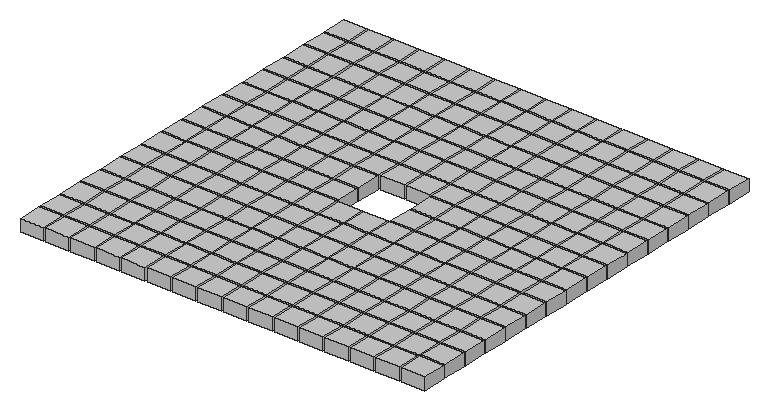
Revit family "Alcorque Ecológico", category Furniture, Revit 2020 (continued)
Forms (m)
  Extrusion 185, solid, material "ReBnew plástico", visible <- "A51"
    from 0 to 0.06
  Extrusion 186, solid, material "ReBnew plástico", visible <- "A51"
    sketch origin (0.75, -0.875, 0) x (1, 0, 0) y (0, 1, 0)
      loop
        line (-0.495, 0.495) -> (-0.495, 0.38) -> (-0.38, 0.38) -> (-0.38, 0.495) -> (-0.495, 0.495)
    from 0 to 0.06
  Extrusion 187, solid, material "ReBnew plástico", visible <- "A51"
    sketch origin (0.875, -0.875, 0) x (1, 0, 0) y (0, 1, 0)
      loop
        line (-0.495, 0.495) -> (-0.495, 0.38) -> (-0.38, 0.38) -> (-0.38, 0.495) -> (-0.495, 0.495)
    from 0 to 0.06
  Extrusion 188, solid, material "ReBnew plástico", visible <- "A51"
    sketch origin (1, -0.875, 0) x (1, 0, 0) y (0, 1, 0)
      loop
        line (-0.495, 0.495) -> (-0.495, 0.38) -> (-0.38, 0.38) -> (-0.38, 0.495) -> (-0.495, 0.495)
    from 0 to 0.06
  Extrusion 189, solid, material "ReBnew plástico", visible <- "A51"
    sketch origin (1.125, -0.875, 0) x (1, 0, 0) y (0, 1, 0)
      loop
        line (-0.495, 0.495) -> (-0.495, 0.38) -> (-0.38, 0.38) -> (-0.38, 0.495) -> (-0.495, 0.495)
    from 0 to 0.06
  Extrusion 190, solid, material "ReBnew plástico", visible <- "A51"
    sketch origin (0.75, -1, 0) x (1, 0, 0) y (0, 1, 0)
      loop
        line (-0.495, 0.495) -> (-0.495, 0.38) -> (-0.38, 0.38) -> (-0.38, 0.495) -> (-0.495, 0.495)
    from 0 to 0.06
  Extrusion 191, solid, material "ReBnew plástico", visible <- "A51"
    sketch origin (0.875, -1, 0) x (1, 0, 0) y (0, 1, 0)
      loop
        line (-0.495, 0.495) -> (-0.495, 0.38) -> (-0.38, 0.38) -> (-0.38, 0.495) -> (-0.495, 0.495)
    from 0 to 0.06
  Extrusion 192, solid, material "ReBnew plástico", visible <- "A51"
    sketch origin (1, -1, 0) x (1, 0, 0) y (0, 1, 0)
      loop
        line (-0.495, 0.495) -> (-0.495, 0.38) -> (-0.38, 0.38) -> (-0.38, 0.495) -> (-0.495, 0.495)
    from 0 to 0.06
  Extrusion 193, solid, material "ReBnew plástico", visible <- "A51"
    sketch origin (1.125, -1, 0) x (1, 0, 0) y (0, 1, 0)
      loop
        line (-0.495, 0.495) -> (-0.495, 0.38) -> (-0.38, 0.38) -> (-0.38, 0.495) -> (-0.495, 0.495)
    from 0 to 0.06
  Extrusion 194, solid, material "ReBnew plástico", visible <- "A51"
    sketch origin (0.75, -1.125, 0) x (1, 0, 0) y (0, 1, 0)
      loop
        line (-0.495, 0.495) -> (-0.495, 0.38) -> (-0.38, 0.38) -> (-0.38, 0.495) -> (-0.495, 0.495)
    from 0 to 0.06
  Extrusion 195, solid, material "ReBnew plástico", visible <- "A51"
    sketch origin (0.875, -1.125, 0) x (1, 0, 0) y (0, 1, 0)
      loop
        line (-0.495, 0.495) -> (-0.495, 0.38) -> (-0.38, 0.38) -> (-0.38, 0.495) -> (-0.495, 0.495)
    from 0 to 0.06
  Extrusion 196, solid, material "ReBnew plástico", visible <- "A51"
    sketch origin (1, -1.125, 0) x (1, 0, 0) y (0, 1, 0)
      loop
        line (-0.495, 0.495) -> (-0.495, 0.38) -> (-0.38, 0.38) -> (-0.38, 0.495) -> (-0.495, 0.495)
    from 0 to 0.06
  Extrusion 197, solid, material "ReBnew plástico", visible <- "A51"
    sketch origin (1.125, -1.125, 0) x (1, 0, 0) y (0, 1, 0)
      loop
        line (-0.495, 0.495) -> (-0.495, 0.38) -> (-0.38, 0.38) -> (-0.38, 0.495) -> (-0.495, 0.495)
    from 0 to 0.06
  Extrusion 198, solid, material "ReBnew plástico", visible <- "A51"
    sketch origin (0.125, -0.75, 0) x (1, 0, 0) y (0, 1, 0)
      loop
        line (-0.495, 0.495) -> (-0.495, 0.38) -> (-0.38, 0.38) -> (-0.38, 0.495) -> (-0.495, 0.495)
    from 0 to 0.06
  Extrusion 199, solid, material "ReBnew plástico", visible <- "A51"
    sketch origin (0.25, -0.75, 0) x (1, 0, 0) y (0, 1, 0)
      loop
        line (-0.495, 0.495) -> (-0.495, 0.38) -> (-0.38, 0.38) -> (-0.38, 0.495) -> (-0.495, 0.495)
    from 0 to 0.06
  Extrusion 200, solid, material "ReBnew plástico", visible <- "A51"
    sketch origin (0.75, -0.75, 0) x (1, 0, 0) y (0, 1, 0)
      loop
        line (-0.495, 0.495) -> (-0.495, 0.38) -> (-0.38, 0.38) -> (-0.38, 0.495) -> (-0.495, 0.495)
    from 0 to 0.06
  Extrusion 201, solid, material "ReBnew plástico", visible <- "A52"
    sketch origin (-0.5, 0.5, 0) x (1, 0, 0) y (0, 1, 0)
      loop
        line (-0.495, 0.495) -> (-0.495, 0.38) -> (-0.38, 0.38) -> (-0.38, 0.495) -> (-0.495, 0.495)
    from 0 to 0.06
  Extrusion 202, solid, material "ReBnew plástico", visible <- "A52"
    sketch origin (-0.375, 0.5, 0) x (1, 0, 0) y (0, 1, 0)
      loop
        line (-0.495, 0.495) -> (-0.495, 0.38) -> (-0.38, 0.38) -> (-0.38, 0.495) -> (-0.495, 0.495)
    from 0 to 0.06
  Extrusion 203, solid, material "ReBnew plástico", visible <- "A52"
    sketch origin (-0.25, 0.5, 0) x (1, 0, 0) y (0, 1, 0)
      loop
        line (-0.495, 0.495) -> (-0.495, 0.38) -> (-0.38, 0.38) -> (-0.38, 0.495) -> (-0.495, 0.495)
    from 0 to 0.06
  Extrusion 204, solid, material "ReBnew plástico", visible <- "A52"
    sketch origin (-0.125, 0.5, 0) x (1, 0, 0) y (0, 1, 0)
      loop
        line (-0.495, 0.495) -> (-0.495, 0.38) -> (-0.38, 0.38) -> (-0.38, 0.495) -> (-0.495, 0.495)
    from 0 to 0.06
  Extrusion 205, solid, material "ReBnew plástico", visible <- "A52"
    sketch origin (0, 0.5, 0) x (1, 0, 0) y (0, 1, 0)
      loop
        line (-0.495, 0.495) -> (-0.495, 0.38) -> (-0.38, 0.38) -> (-0.38, 0.495) -> (-0.495, 0.495)
    from 0 to 0.06
  Extrusion 206, solid, material "ReBnew plástico", visible <- "A52"
    sketch origin (0.125, 0.5, 0) x (1, 0, 0) y (0, 1, 0)
      loop
        line (-0.495, 0.495) -> (-0.495, 0.38) -> (-0.38, 0.38) -> (-0.38, 0.495) -> (-0.495, 0.495)
    from 0 to 0.06
  Extrusion 207, solid, material "ReBnew plástico", visible <- "A52"
    sketch origin (0.25, 0.5, 0) x (1, 0, 0) y (0, 1, 0)
      loop
        line (-0.495, 0.495) -> (-0.495, 0.38) -> (-0.38, 0.38) -> (-0.38, 0.495) -> (-0.495, 0.495)
    from 0 to 0.06
  Extrusion 208, solid, material "ReBnew plástico", visible <- "A52"
    sketch origin (0.375, 0.5, 0) x (1, 0, 0) y (0, 1, 0)
      loop
        line (-0.495, 0.495) -> (-0.495, 0.38) -> (-0.38, 0.38) -> (-0.38, 0.495) -> (-0.495, 0.495)
    from 0 to 0.06
  Extrusion 209, solid, material "ReBnew plástico", visible <- "A52"
    sketch origin (-0.5, 0.375, 0) x (1, 0, 0) y (0, 1, 0)
      loop
        line (-0.495, 0.495) -> (-0.495, 0.38) -> (-0.38, 0.38) -> (-0.38, 0.495) -> (-0.495, 0.495)
    from 0 to 0.06
  Extrusion 210, solid, material "ReBnew plástico", visible <- "A52"
    sketch origin (-0.375, 0.375, 0) x (1, 0, 0) y (0, 1, 0)
      loop
        line (-0.495, 0.495) -> (-0.495, 0.38) -> (-0.38, 0.38) -> (-0.38, 0.495) -> (-0.495, 0.495)
    from 0 to 0.06
  Extrusion 211, solid, material "ReBnew plástico", visible <- "A52"
    sketch origin (-0.25, 0.375, 0) x (1, 0, 0) y (0, 1, 0)
      loop
        line (-0.495, 0.495) -> (-0.495, 0.38) -> (-0.38, 0.38) -> (-0.38, 0.495) -> (-0.495, 0.495)
    from 0 to 0.06
  Extrusion 212, solid, material "ReBnew plástico", visible <- "A52"
    sketch origin (-0.125, 0.375, 0) x (1, 0, 0) y (0, 1, 0)
      loop
        line (-0.495, 0.495) -> (-0.495, 0.38) -> (-0.38, 0.38) -> (-0.38, 0.495) -> (-0.495, 0.495)
    from 0 to 0.06
  Extrusion 213, solid, material "ReBnew plástico", visible <- "A52"
    sketch origin (0, 0.375, 0) x (1, 0, 0) y (0, 1, 0)
      loop
        line (-0.495, 0.495) -> (-0.495, 0.38) -> (-0.38, 0.38) -> (-0.38, 0.495) -> (-0.495, 0.495)
    from 0 to 0.06
  Extrusion 214, solid, material "ReBnew plástico", visible <- "A52"
    sketch origin (0.125, 0.375, 0) x (1, 0, 0) y (0, 1, 0)
      loop
        line (-0.495, 0.495) -> (-0.495, 0.38) -> (-0.38, 0.38) -> (-0.38, 0.495) -> (-0.495, 0.495)
    from 0 to 0.06
  Extrusion 215, solid, material "ReBnew plástico", visible <- "A52"
    sketch origin (0.25, 0.375, 0) x (1, 0, 0) y (0, 1, 0)
      loop
        line (-0.495, 0.495) -> (-0.495, 0.38) -> (-0.38, 0.38) -> (-0.38, 0.495) -> (-0.495, 0.495)
    from 0 to 0.06
  Extrusion 216, solid, material "ReBnew plástico", visible <- "A52"
    sketch origin (0.375, 0.375, 0) x (1, 0, 0) y (0, 1, 0)
      loop
        line (-0.495, 0.495) -> (-0.495, 0.38) -> (-0.38, 0.38) -> (-0.38, 0.495) -> (-0.495, 0.495)
    from 0 to 0.06
  Extrusion 217, solid, material "ReBnew plástico", visible <- "A52"
    sketch origin (-0.5, 0.25, 0) x (1, 0, 0) y (0, 1, 0)
      loop
        line (-0.495, 0.495) -> (-0.495, 0.38) -> (-0.38, 0.38) -> (-0.38, 0.495) -> (-0.495, 0.495)
    from 0 to 0.06
  Extrusion 218, solid, material "ReBnew plástico", visible <- "A52"
    sketch origin (-0.375, 0.25, 0) x (1, 0, 0) y (0, 1, 0)
      loop
        line (-0.495, 0.495) -> (-0.495, 0.38) -> (-0.38, 0.38) -> (-0.38, 0.495) -> (-0.495, 0.495)
    from 0 to 0.06
  Extrusion 219, solid, material "ReBnew plástico", visible <- "A52"
    sketch origin (-0.25, 0.25, 0) x (1, 0, 0) y (0, 1, 0)
      loop
        line (-0.495, 0.495) -> (-0.495, 0.38) -> (-0.38, 0.38) -> (-0.38, 0.495) -> (-0.495, 0.495)
    from 0 to 0.06
  Extrusion 220, solid, material "ReBnew plástico", visible <- "A52"
    sketch origin (-0.125, 0.25, 0) x (1, 0, 0) y (0, 1, 0)
      loop
        line (-0.495, 0.495) -> (-0.495, 0.38) -> (-0.38, 0.38) -> (-0.38, 0.495) -> (-0.495, 0.495)
    from 0 to 0.06
  Extrusion 221, solid, material "ReBnew plástico", visible <- "A52"
    sketch origin (0, 0.25, 0) x (1, 0, 0) y (0, 1, 0)
      loop
        line (-0.495, 0.495) -> (-0.495, 0.38) -> (-0.38, 0.38) -> (-0.38, 0.495) -> (-0.495, 0.495)
    from 0 to 0.06
  Extrusion 222, solid, material "ReBnew plástico", visible <- "A52"
    sketch origin (0.125, 0.25, 0) x (1, 0, 0) y (0, 1, 0)
      loop
        line (-0.495, 0.495) -> (-0.495, 0.38) -> (-0.38, 0.38) -> (-0.38, 0.495) -> (-0.495, 0.495)
    from 0 to 0.06
  Extrusion 223, solid, material "ReBnew plástico", visible <- "A52"
    sketch origin (0.25, 0.25, 0) x (1, 0, 0) y (0, 1, 0)
      loop
        line (-0.495, 0.495) -> (-0.495, 0.38) -> (-0.38, 0.38) -> (-0.38, 0.495) -> (-0.495, 0.495)
    from 0 to 0.06
  Extrusion 224, solid, material "ReBnew plástico", visible <- "A52"
    sketch origin (0.375, 0.25, 0) x (1, 0, 0) y (0, 1, 0)
      loop
        line (-0.495, 0.495) -> (-0.495, 0.38) -> (-0.38, 0.38) -> (-0.38, 0.495) -> (-0.495, 0.495)
    from 0 to 0.06
  Extrusion 225, solid, material "ReBnew plástico", visible <- "A52"
    sketch origin (-0.5, 0.125, 0) x (1, 0, 0) y (0, 1, 0)
      loop
        line (-0.495, 0.495) -> (-0.495, 0.38) -> (-0.38, 0.38) -> (-0.38, 0.495) -> (-0.495, 0.495)
    from 0 to 0.06
  Extrusion 226, solid, material "ReBnew plástico", visible <- "A52"
    sketch origin (-0.375, 0.125, 0) x (1, 0, 0) y (0, 1, 0)
      loop
        line (-0.495, 0.495) -> (-0.495, 0.38) -> (-0.38, 0.38) -> (-0.38, 0.495) -> (-0.495, 0.495)
    from 0 to 0.06
  Extrusion 227, solid, material "ReBnew plástico", visible <- "A52"
    sketch origin (-0.25, 0.125, 0) x (1, 0, 0) y (0, 1, 0)
      loop
        line (-0.495, 0.495) -> (-0.495, 0.38) -> (-0.38, 0.38) -> (-0.38, 0.495) -> (-0.495, 0.495)
    from 0 to 0.06
  Extrusion 228, solid, material "ReBnew plástico", visible <- "A52"
    sketch origin (0.125, 0.125, 0) x (1, 0, 0) y (0, 1, 0)
      loop
        line (-0.495, 0.495) -> (-0.495, 0.38) -> (-0.38, 0.38) -> (-0.38, 0.495) -> (-0.495, 0.495)
    from 0 to 0.06
  Extrusion 229, solid, material "ReBnew plástico", visible <- "A52"
    sketch origin (0.25, 0.125, 0) x (1, 0, 0) y (0, 1, 0)
      loop
        line (-0.495, 0.495) -> (-0.495, 0.38) -> (-0.38, 0.38) -> (-0.38, 0.495) -> (-0.495, 0.495)
    from 0 to 0.06
  Extrusion 230, solid, material "ReBnew plástico", visible <- "A52"
    sketch origin (0.375, 0.125, 0) x (1, 0, 0) y (0, 1, 0)
      loop
        line (-0.495, 0.495) -> (-0.495, 0.38) -> (-0.38, 0.38) -> (-0.38, 0.495) -> (-0.495, 0.495)
    from 0 to 0.06
  Extrusion 231, solid, material "ReBnew plástico", visible <- "A52"
    sketch origin (-0.5, 0, 0) x (1, 0, 0) y (0, 1, 0)
      loop
        line (-0.495, 0.495) -> (-0.495, 0.38) -> (-0.38, 0.38) -> (-0.38, 0.495) -> (-0.495, 0.495)
    from 0 to 0.06
  Extrusion 232, solid, material "ReBnew plástico", visible <- "A52"
    sketch origin (-0.375, 0, 0) x (1, 0, 0) y (0, 1, 0)
      loop
        line (-0.495, 0.495) -> (-0.495, 0.38) -> (-0.38, 0.38) -> (-0.38, 0.495) -> (-0.495, 0.495)
    from 0 to 0.06
  Extrusion 233, solid, material "ReBnew plástico", visible <- "A52"
    sketch origin (-0.25, 0, 0) x (1, 0, 0) y (0, 1, 0)
      loop
        line (-0.495, 0.495) -> (-0.495, 0.38) -> (-0.38, 0.38) -> (-0.38, 0.495) -> (-0.495, 0.495)
    from 0 to 0.06
  Extrusion 234, solid, material "ReBnew plástico", visible <- "A52"
    sketch origin (0.125, 0, 0) x (1, 0, 0) y (0, 1, 0)
      loop
        line (-0.495, 0.495) -> (-0.495, 0.38) -> (-0.38, 0.38) -> (-0.38, 0.495) -> (-0.495, 0.495)
    from 0 to 0.06
  Extrusion 235, solid, material "ReBnew plástico", visible <- "A52"
    sketch origin (0.25, 0, 0) x (1, 0, 0) y (0, 1, 0)
      loop
        line (-0.495, 0.495) -> (-0.495, 0.38) -> (-0.38, 0.38) -> (-0.38, 0.495) -> (-0.495, 0.495)
    from 0 to 0.06
  Extrusion 236, solid, material "ReBnew plástico", visible <- "A52"
    sketch origin (0.375, 0, 0) x (1, 0, 0) y (0, 1, 0)
      loop
        line (-0.495, 0.495) -> (-0.495, 0.38) -> (-0.38, 0.38) -> (-0.38, 0.495) -> (-0.495, 0.495)
    from 0 to 0.06
  Extrusion 237, solid, material "ReBnew plástico", visible <- "A52"
    sketch origin (-0.5, -0.125, 0) x (1, 0, 0) y (0, 1, 0)
      loop
        line (-0.495, 0.495) -> (-0.495, 0.38) -> (-0.38, 0.38) -> (-0.38, 0.495) -> (-0.495, 0.495)
    from 0 to 0.06
  Extrusion 238, solid, material "ReBnew plástico", visible <- "A52"
    sketch origin (-0.375, -0.125, 0) x (1, 0, 0) y (0, 1, 0)
      loop
        line (-0.495, 0.495) -> (-0.495, 0.38) -> (-0.38, 0.38) -> (-0.38, 0.495) -> (-0.495, 0.495)
    from 0 to 0.06
  Extrusion 239, solid, material "ReBnew plástico", visible <- "A52"
    sketch origin (-0.25, -0.125, 0) x (1, 0, 0) y (0, 1, 0)
      loop
        line (-0.495, 0.495) -> (-0.495, 0.38) -> (-0.38, 0.38) -> (-0.38, 0.495) -> (-0.495, 0.495)
    from 0 to 0.06
  Extrusion 240, solid, material "ReBnew plástico", visible <- "A52"
    sketch origin (-0.125, -0.125, 0) x (1, 0, 0) y (0, 1, 0)
      loop
        line (-0.495, 0.495) -> (-0.495, 0.38) -> (-0.38, 0.38) -> (-0.38, 0.495) -> (-0.495, 0.495)
    from 0 to 0.06
  Extrusion 241, solid, material "ReBnew plástico", visible <- "A52"
    sketch origin (0, -0.125, 0) x (1, 0, 0) y (0, 1, 0)
      loop
        line (-0.495, 0.495) -> (-0.495, 0.38) -> (-0.38, 0.38) -> (-0.38, 0.495) -> (-0.495, 0.495)
    from 0 to 0.06
  Extrusion 242, solid, material "ReBnew plástico", visible <- "A52"
    sketch origin (0.375, -0.125, 0) x (1, 0, 0) y (0, 1, 0)
      loop
        line (-0.495, 0.495) -> (-0.495, 0.38) -> (-0.38, 0.38) -> (-0.38, 0.495) -> (-0.495, 0.495)
    from 0 to 0.06
  Extrusion 243, solid, material "ReBnew plástico", visible <- "A52"
    sketch origin (-0.5, -0.25, 0) x (1, 0, 0) y (0, 1, 0)
      loop
        line (-0.495, 0.495) -> (-0.495, 0.38) -> (-0.38, 0.38) -> (-0.38, 0.495) -> (-0.495, 0.495)
    from 0 to 0.06
  Extrusion 244, solid, material "ReBnew plástico", visible <- "A52"
    sketch origin (-0.375, -0.25, 0) x (1, 0, 0) y (0, 1, 0)
      loop
        line (-0.495, 0.495) -> (-0.495, 0.38) -> (-0.38, 0.38) -> (-0.38, 0.495) -> (-0.495, 0.495)
    from 0 to 0.06
  Extrusion 245, solid, material "ReBnew plástico", visible <- "A52"
    sketch origin (-0.25, -0.25, 0) x (1, 0, 0) y (0, 1, 0)
      loop
        line (-0.495, 0.495) -> (-0.495, 0.38) -> (-0.38, 0.38) -> (-0.38, 0.495) -> (-0.495, 0.495)
    from 0 to 0.06
  Extrusion 246, solid, material "ReBnew plástico", visible <- "A52"
    sketch origin (-0.125, -0.25, 0) x (1, 0, 0) y (0, 1, 0)
      loop
        line (-0.495, 0.495) -> (-0.495, 0.38) -> (-0.38, 0.38) -> (-0.38, 0.495) -> (-0.495, 0.495)
    from 0 to 0.06
  Extrusion 247, solid, material "ReBnew plástico", visible <- "A52"
    sketch origin (0, -0.25, 0) x (1, 0, 0) y (0, 1, 0)
      loop
        line (-0.495, 0.495) -> (-0.495, 0.38) -> (-0.38, 0.38) -> (-0.38, 0.495) -> (-0.495, 0.495)
    from 0 to 0.06
  Extrusion 248, solid, material "ReBnew plástico", visible <- "A52"
    sketch origin (0.375, -0.25, 0) x (1, 0, 0) y (0, 1, 0)
      loop
        line (-0.495, 0.495) -> (-0.495, 0.38) -> (-0.38, 0.38) -> (-0.38, 0.495) -> (-0.495, 0.495)
    from 0 to 0.06
  Extrusion 249, solid, material "ReBnew plástico", visible <- "A52"
    sketch origin (-0.5, -0.375, 0) x (1, 0, 0) y (0, 1, 0)
      loop
        line (-0.495, 0.495) -> (-0.495, 0.38) -> (-0.38, 0.38) -> (-0.38, 0.495) -> (-0.495, 0.495)
    from 0 to 0.06
  Extrusion 250, solid, material "ReBnew plástico", visible <- "A52"
    sketch origin (-0.375, -0.375, 0) x (1, 0, 0) y (0, 1, 0)
      loop
        line (-0.495, 0.495) -> (-0.495, 0.38) -> (-0.38, 0.38) -> (-0.38, 0.495) -> (-0.495, 0.495)
    from 0 to 0.06
  Extrusion 251, solid, material "ReBnew plástico", visible <- "A52"
    sketch origin (-0.25, -0.375, 0) x (1, 0, 0) y (0, 1, 0)
      loop
        line (-0.495, 0.495) -> (-0.495, 0.38) -> (-0.38, 0.38) -> (-0.38, 0.495) -> (-0.495, 0.495)
    from 0 to 0.06
  Extrusion 252, solid, material "ReBnew plástico", visible <- "A52"
    sketch origin (-0.125, -0.375, 0) x (1, 0, 0) y (0, 1, 0)
      loop
        line (-0.495, 0.495) -> (-0.495, 0.38) -> (-0.38, 0.38) -> (-0.38, 0.495) -> (-0.495, 0.495)
    from 0 to 0.06
  Extrusion 253, solid, material "ReBnew plástico", visible <- "A52"
    sketch origin (0, -0.375, 0) x (1, 0, 0) y (0, 1, 0)
      loop
        line (-0.495, 0.495) -> (-0.495, 0.38) -> (-0.38, 0.38) -> (-0.38, 0.495) -> (-0.495, 0.495)
    from 0 to 0.06
  Extrusion 254, solid, material "ReBnew plástico", visible <- "A52"
    sketch origin (0.125, -0.375, 0) x (1, 0, 0) y (0, 1, 0)
      loop
        line (-0.495, 0.495) -> (-0.495, 0.38) -> (-0.38, 0.38) -> (-0.38, 0.495) -> (-0.495, 0.495)
    from 0 to 0.06
  Extrusion 255, solid, material "ReBnew plástico", visible <- "A52"
    sketch origin (0.25, -0.375, 0) x (1, 0, 0) y (0, 1, 0)
      loop
        line (-0.495, 0.495) -> (-0.495, 0.38) -> (-0.38, 0.38) -> (-0.38, 0.495) -> (-0.495, 0.495)
    from 0 to 0.06
  Extrusion 256, solid, material "ReBnew plástico", visible <- "A52"
    sketch origin (0.5, 0.5, 0) x (1, 0, 0) y (0, 1, 0)
      loop
        line (-0.495, 0.495) -> (-0.495, 0.38) -> (-0.38, 0.38) -> (-0.38, 0.495) -> (-0.495, 0.495)
    from 0 to 0.06
  Extrusion 257, solid, material "ReBnew plástico", visible <- "A52"
    sketch origin (0.625, 0.5, 0) x (1, 0, 0) y (0, 1, 0)
      loop
        line (-0.495, 0.495) -> (-0.495, 0.38) -> (-0.38, 0.38) -> (-0.38, 0.495) -> (-0.495, 0.495)
    from 0 to 0.06
  Extrusion 258, solid, material "ReBnew plástico", visible <- "A52"
    sketch origin (0.75, 0.5, 0) x (1, 0, 0) y (0, 1, 0)
      loop
        line (-0.495, 0.495) -> (-0.495, 0.38) -> (-0.38, 0.38) -> (-0.38, 0.495) -> (-0.495, 0.495)
    from 0 to 0.06
  Extrusion 259, solid, material "ReBnew plástico", visible <- "A52"
    sketch origin (0.875, 0.5, 0) x (1, 0, 0) y (0, 1, 0)
      loop
        line (-0.495, 0.495) -> (-0.495, 0.38) -> (-0.38, 0.38) -> (-0.38, 0.495) -> (-0.495, 0.495)
    from 0 to 0.06
  Extrusion 260, solid, material "ReBnew plástico", visible <- "A52"
    sketch origin (0.5, 0.375, 0) x (1, 0, 0) y (0, 1, 0)
      loop
        line (-0.495, 0.495) -> (-0.495, 0.38) -> (-0.38, 0.38) -> (-0.38, 0.495) -> (-0.495, 0.495)
    from 0 to 0.06
  Extrusion 261, solid, material "ReBnew plástico", visible <- "A52"
    sketch origin (0.625, 0.375, 0) x (1, 0, 0) y (0, 1, 0)
      loop
        line (-0.495, 0.495) -> (-0.495, 0.38) -> (-0.38, 0.38) -> (-0.38, 0.495) -> (-0.495, 0.495)
    from 0 to 0.06
  Extrusion 262, solid, material "ReBnew plástico", visible <- "A52"
    sketch origin (0.75, 0.375, 0) x (1, 0, 0) y (0, 1, 0)
      loop
        line (-0.495, 0.495) -> (-0.495, 0.38) -> (-0.38, 0.38) -> (-0.38, 0.495) -> (-0.495, 0.495)
    from 0 to 0.06
  Extrusion 263, solid, material "ReBnew plástico", visible <- "A52"
    sketch origin (0.875, 0.375, 0) x (1, 0, 0) y (0, 1, 0)
      loop
        line (-0.495, 0.495) -> (-0.495, 0.38) -> (-0.38, 0.38) -> (-0.38, 0.495) -> (-0.495, 0.495)
    from 0 to 0.06
  Extrusion 264, solid, material "ReBnew plástico", visible <- "A52"
    sketch origin (0.5, 0.25, 0) x (1, 0, 0) y (0, 1, 0)
      loop
        line (-0.495, 0.495) -> (-0.495, 0.38) -> (-0.38, 0.38) -> (-0.38, 0.495) -> (-0.495, 0.495)
    from 0 to 0.06
  Extrusion 265, solid, material "ReBnew plástico", visible <- "A52"
    sketch origin (0.625, 0.25, 0) x (1, 0, 0) y (0, 1, 0)
      loop
        line (-0.495, 0.495) -> (-0.495, 0.38) -> (-0.38, 0.38) -> (-0.38, 0.495) -> (-0.495, 0.495)
    from 0 to 0.06
  Extrusion 266, solid, material "ReBnew plástico", visible <- "A52"
    sketch origin (0.75, 0.25, 0) x (1, 0, 0) y (0, 1, 0)
      loop
        line (-0.495, 0.495) -> (-0.495, 0.38) -> (-0.38, 0.38) -> (-0.38, 0.495) -> (-0.495, 0.495)
    from 0 to 0.06
  Extrusion 267, solid, material "ReBnew plástico", visible <- "A52"
    sketch origin (0.875, 0.25, 0) x (1, 0, 0) y (0, 1, 0)
      loop
        line (-0.495, 0.495) -> (-0.495, 0.38) -> (-0.38, 0.38) -> (-0.38, 0.495) -> (-0.495, 0.495)
    from 0 to 0.06
  Extrusion 268, solid, material "ReBnew plástico", visible <- "A52"
    sketch origin (0.625, 0.125, 0) x (1, 0, 0) y (0, 1, 0)
      loop
        line (-0.495, 0.495) -> (-0.495, 0.38) -> (-0.38, 0.38) -> (-0.38, 0.495) -> (-0.495, 0.495)
    from 0 to 0.06
  Extrusion 269, solid, material "ReBnew plástico", visible <- "A52"
    sketch origin (0.75, 0.125, 0) x (1, 0, 0) y (0, 1, 0)
      loop
        line (-0.495, 0.495) -> (-0.495, 0.38) -> (-0.38, 0.38) -> (-0.38, 0.495) -> (-0.495, 0.495)
    from 0 to 0.06
  Extrusion 270, solid, material "ReBnew plástico", visible <- "A52"
    sketch origin (0.875, 0.125, 0) x (1, 0, 0) y (0, 1, 0)
      loop
        line (-0.495, 0.495) -> (-0.495, 0.38) -> (-0.38, 0.38) -> (-0.38, 0.495) -> (-0.495, 0.495)
    from 0 to 0.06
  Extrusion 271, solid, material "ReBnew plástico", visible <- "A52"
    sketch origin (0.625, 0, 0) x (1, 0, 0) y (0, 1, 0)
      loop
        line (-0.495, 0.495) -> (-0.495, 0.38) -> (-0.38, 0.38) -> (-0.38, 0.495) -> (-0.495, 0.495)
    from 0 to 0.06
  Extrusion 272, solid, material "ReBnew plástico", visible <- "A52"
    sketch origin (0.75, 0, 0) x (1, 0, 0) y (0, 1, 0)
      loop
        line (-0.495, 0.495) -> (-0.495, 0.38) -> (-0.38, 0.38) -> (-0.38, 0.495) -> (-0.495, 0.495)
    from 0 to 0.06
  Extrusion 273, solid, material "ReBnew plástico", visible <- "A52"
    sketch origin (0.875, 0, 0) x (1, 0, 0) y (0, 1, 0)
      loop
        line (-0.495, 0.495) -> (-0.495, 0.38) -> (-0.38, 0.38) -> (-0.38, 0.495) -> (-0.495, 0.495)
    from 0 to 0.06
  Extrusion 274, solid, material "ReBnew plástico", visible <- "A52"
    sketch origin (0.5, -0.125, 0) x (1, 0, 0) y (0, 1, 0)
      loop
        line (-0.495, 0.495) -> (-0.495, 0.38) -> (-0.38, 0.38) -> (-0.38, 0.495) -> (-0.495, 0.495)
    from 0 to 0.06
  Extrusion 275, solid, material "ReBnew plástico", visible <- "A52"
    sketch origin (0.625, -0.125, 0) x (1, 0, 0) y (0, 1, 0)
      loop
        line (-0.495, 0.495) -> (-0.495, 0.38) -> (-0.38, 0.38) -> (-0.38, 0.495) -> (-0.495, 0.495)
    from 0 to 0.06
  Extrusion 276, solid, material "ReBnew plástico", visible <- "A52"
    sketch origin (0.75, -0.125, 0) x (1, 0, 0) y (0, 1, 0)
      loop
        line (-0.495, 0.495) -> (-0.495, 0.38) -> (-0.38, 0.38) -> (-0.38, 0.495) -> (-0.495, 0.495)
    from 0 to 0.06
  Extrusion 277, solid, material "ReBnew plástico", visible <- "A52"
    sketch origin (0.875, -0.125, 0) x (1, 0, 0) y (0, 1, 0)
      loop
        line (-0.495, 0.495) -> (-0.495, 0.38) -> (-0.38, 0.38) -> (-0.38, 0.495) -> (-0.495, 0.495)
    from 0 to 0.06
  Extrusion 278, solid, material "ReBnew plástico", visible <- "A52"
    sketch origin (0.5, -0.25, 0) x (1, 0, 0) y (0, 1, 0)
      loop
        line (-0.495, 0.495) -> (-0.495, 0.38) -> (-0.38, 0.38) -> (-0.38, 0.495) -> (-0.495, 0.495)
    from 0 to 0.06
  Extrusion 279, solid, material "ReBnew plástico", visible <- "A52"
    sketch origin (0.625, -0.25, 0) x (1, 0, 0) y (0, 1, 0)
      loop
        line (-0.495, 0.495) -> (-0.495, 0.38) -> (-0.38, 0.38) -> (-0.38, 0.495) -> (-0.495, 0.495)
    from 0 to 0.06
  Extrusion 280, solid, material "ReBnew plástico", visible <- "A52"
    sketch origin (0.75, -0.25, 0) x (1, 0, 0) y (0, 1, 0)
      loop
        line (-0.495, 0.495) -> (-0.495, 0.38) -> (-0.38, 0.38) -> (-0.38, 0.495) -> (-0.495, 0.495)
    from 0 to 0.06
  Extrusion 281, solid, material "ReBnew plástico", visible <- "A52"
    sketch origin (0.875, -0.25, 0) x (1, 0, 0) y (0, 1, 0)
      loop
        line (-0.495, 0.495) -> (-0.495, 0.38) -> (-0.38, 0.38) -> (-0.38, 0.495) -> (-0.495, 0.495)
    from 0 to 0.06
  Extrusion 282, solid, material "ReBnew plástico", visible <- "A52"
    sketch origin (0.625, -0.375, 0) x (1, 0, 0) y (0, 1, 0)
      loop
        line (-0.495, 0.495) -> (-0.495, 0.38) -> (-0.38, 0.38) -> (-0.38, 0.495) -> (-0.495, 0.495)
    from 0 to 0.06
  Extrusion 283, solid, material "ReBnew plástico", visible <- "A52"
    sketch origin (0.75, -0.375, 0) x (1, 0, 0) y (0, 1, 0)
      loop
        line (-0.495, 0.495) -> (-0.495, 0.38) -> (-0.38, 0.38) -> (-0.38, 0.495) -> (-0.495, 0.495)
    from 0 to 0.06
  Extrusion 284, solid, material "ReBnew plástico", visible <- "A52"
    sketch origin (0.875, -0.375, 0) x (1, 0, 0) y (0, 1, 0)
      loop
        line (-0.495, 0.495) -> (-0.495, 0.38) -> (-0.38, 0.38) -> (-0.38, 0.495) -> (-0.495, 0.495)
    from 0 to 0.06
  Extrusion 285, solid, material "ReBnew plástico", visible <- "A52"
    sketch origin (-0.125, 0.125, 0) x (1, 0, 0) y (0, 1, 0)
      loop
        line (-0.495, 0.495) -> (-0.495, 0.38) -> (-0.38, 0.38) -> (-0.38, 0.495) -> (-0.495, 0.495)
    from 0 to 0.06
  Extrusion 286, solid, material "ReBnew plástico", visible <- "A52"
    sketch origin (0, 0.125, 0) x (1, 0, 0) y (0, 1, 0)
      loop
        line (-0.495, 0.495) -> (-0.495, 0.38) -> (-0.38, 0.38) -> (-0.38, 0.495) -> (-0.495, 0.495)
    from 0 to 0.06
  Extrusion 287, solid, material "ReBnew plástico", visible <- "A52"
    sketch origin (-0.125, 0, 0) x (1, 0, 0) y (0, 1, 0)
      loop
        line (-0.495, 0.495) -> (-0.495, 0.38) -> (-0.38, 0.38) -> (-0.38, 0.495) -> (-0.495, 0.495)
    from 0 to 0.06
  Extrusion 288, solid, material "ReBnew plástico", visible <- "A52"
    sketch origin (0, 0, 0) x (1, 0, 0) y (0, 1, 0)
      loop
        line (-0.495, 0.495) -> (-0.495, 0.38) -> (-0.38, 0.38) -> (-0.38, 0.495) -> (-0.495, 0.495)
    from 0 to 0.06
  Extrusion 289, solid, material "ReBnew plástico", visible <- "A52"
    sketch origin (0.5, 0.125, 0) x (1, 0, 0) y (0, 1, 0)
      loop
        line (-0.495, 0.495) -> (-0.495, 0.38) -> (-0.38, 0.38) -> (-0.38, 0.495) -> (-0.495, 0.495)
    from 0 to 0.06
  Extrusion 290, solid, material "ReBnew plástico", visible <- "A52"
    sketch origin (0.5, 0, 0) x (1, 0, 0) y (0, 1, 0)
      loop
        line (-0.495, 0.495) -> (-0.495, 0.38) -> (-0.38, 0.38) -> (-0.38, 0.495) -> (-0.495, 0.495)
    from 0 to 0.06
  Extrusion 291, solid, material "ReBnew plástico", visible <- "A52"
    sketch origin (-0.5, -0.5, 0) x (1, 0, 0) y (0, 1, 0)
      loop
        line (-0.495, 0.495) -> (-0.495, 0.38) -> (-0.38, 0.38) -> (-0.38, 0.495) -> (-0.495, 0.495)
    from 0 to 0.06
  Extrusion 292, solid, material "ReBnew plástico", visible <- "A52"
    sketch origin (-0.375, -0.5, 0) x (1, 0, 0) y (0, 1, 0)
      loop
        line (-0.495, 0.495) -> (-0.495, 0.38) -> (-0.38, 0.38) -> (-0.38, 0.495) -> (-0.495, 0.495)
    from 0 to 0.06
  Extrusion 293, solid, material "ReBnew plástico", visible <- "A52"
    sketch origin (-0.25, -0.5, 0) x (1, 0, 0) y (0, 1, 0)
      loop
        line (-0.495, 0.495) -> (-0.495, 0.38) -> (-0.38, 0.38) -> (-0.38, 0.495) -> (-0.495, 0.495)
    from 0 to 0.06
  Extrusion 294, solid, material "ReBnew plástico", visible <- "A52"
    sketch origin (0.125, -0.5, 0) x (1, 0, 0) y (0, 1, 0)
      loop
        line (-0.495, 0.495) -> (-0.495, 0.38) -> (-0.38, 0.38) -> (-0.38, 0.495) -> (-0.495, 0.495)
    from 0 to 0.06
  Extrusion 295, solid, material "ReBnew plástico", visible <- "A52"
    sketch origin (0.25, -0.5, 0) x (1, 0, 0) y (0, 1, 0)
      loop
        line (-0.495, 0.495) -> (-0.495, 0.38) -> (-0.38, 0.38) -> (-0.38, 0.495) -> (-0.495, 0.495)
    from 0 to 0.06
  Extrusion 296, solid, material "ReBnew plástico", visible <- "A52"
    sketch origin (-0.5, -0.625, 0) x (1, 0, 0) y (0, 1, 0)
      loop
        line (-0.495, 0.495) -> (-0.495, 0.38) -> (-0.38, 0.38) -> (-0.38, 0.495) -> (-0.495, 0.495)
    from 0 to 0.06
  Extrusion 297, solid, material "ReBnew plástico", visible <- "A52"
    sketch origin (-0.375, -0.625, 0) x (1, 0, 0) y (0, 1, 0)
      loop
        line (-0.495, 0.495) -> (-0.495, 0.38) -> (-0.38, 0.38) -> (-0.38, 0.495) -> (-0.495, 0.495)
    from 0 to 0.06
  Extrusion 298, solid, material "ReBnew plástico", visible <- "A52"
    sketch origin (-0.25, -0.625, 0) x (1, 0, 0) y (0, 1, 0)
      loop
        line (-0.495, 0.495) -> (-0.495, 0.38) -> (-0.38, 0.38) -> (-0.38, 0.495) -> (-0.495, 0.495)
    from 0 to 0.06
  Extrusion 299, solid, material "ReBnew plástico", visible <- "A52"
    sketch origin (-0.125, -0.625, 0) x (1, 0, 0) y (0, 1, 0)
      loop
        line (-0.495, 0.495) -> (-0.495, 0.38) -> (-0.38, 0.38) -> (-0.38, 0.495) -> (-0.495, 0.495)
    from 0 to 0.06
  Extrusion 300, solid, material "ReBnew plástico", visible <- "A52"
    sketch origin (0, -0.625, 0) x (1, 0, 0) y (0, 1, 0)
      loop
        line (-0.495, 0.495) -> (-0.495, 0.38) -> (-0.38, 0.38) -> (-0.38, 0.495) -> (-0.495, 0.495)
    from 0 to 0.06
  Extrusion 301, solid, material "ReBnew plástico", visible <- "A52"
    sketch origin (0.125, -0.625, 0) x (1, 0, 0) y (0, 1, 0)
      loop
        line (-0.495, 0.495) -> (-0.495, 0.38) -> (-0.38, 0.38) -> (-0.38, 0.495) -> (-0.495, 0.495)
    from 0 to 0.06
  Extrusion 302, solid, material "ReBnew plástico", visible <- "A52"
    sketch origin (0.25, -0.625, 0) x (1, 0, 0) y (0, 1, 0)
      loop
        line (-0.495, 0.495) -> (-0.495, 0.38) -> (-0.38, 0.38) -> (-0.38, 0.495) -> (-0.495, 0.495)
    from 0 to 0.06
  Extrusion 303, solid, material "ReBnew plástico", visible <- "A52"
    sketch origin (0.375, -0.625, 0) x (1, 0, 0) y (0, 1, 0)
      loop
        line (-0.495, 0.495) -> (-0.495, 0.38) -> (-0.38, 0.38) -> (-0.38, 0.495) -> (-0.495, 0.495)
    from 0 to 0.06
  Extrusion 304, solid, material "ReBnew plástico", visible <- "A52"
    sketch origin (-0.5, -0.75, 0) x (1, 0, 0) y (0, 1, 0)
      loop
        line (-0.495, 0.495) -> (-0.495, 0.38) -> (-0.38, 0.38) -> (-0.38, 0.495) -> (-0.495, 0.495)
    from 0 to 0.06
  Extrusion 305, solid, material "ReBnew plástico", visible <- "A52"
    sketch origin (-0.375, -0.75, 0) x (1, 0, 0) y (0, 1, 0)
      loop
        line (-0.495, 0.495) -> (-0.495, 0.38) -> (-0.38, 0.38) -> (-0.38, 0.495) -> (-0.495, 0.495)
    from 0 to 0.06
  Extrusion 306, solid, material "ReBnew plástico", visible <- "A52"
    sketch origin (-0.25, -0.75, 0) x (1, 0, 0) y (0, 1, 0)
      loop
        line (-0.495, 0.495) -> (-0.495, 0.38) -> (-0.38, 0.38) -> (-0.38, 0.495) -> (-0.495, 0.495)
    from 0 to 0.06
  Extrusion 307, solid, material "ReBnew plástico", visible <- "A52"
    sketch origin (-0.125, -0.75, 0) x (1, 0, 0) y (0, 1, 0)
      loop
        line (-0.495, 0.495) -> (-0.495, 0.38) -> (-0.38, 0.38) -> (-0.38, 0.495) -> (-0.495, 0.495)
    from 0 to 0.06
  Extrusion 308, solid, material "ReBnew plástico", visible <- "A52"
    sketch origin (0, -0.75, 0) x (1, 0, 0) y (0, 1, 0)
      loop
        line (-0.495, 0.495) -> (-0.495, 0.38) -> (-0.38, 0.38) -> (-0.38, 0.495) -> (-0.495, 0.495)
    from 0 to 0.06
  Extrusion 309, solid, material "ReBnew plástico", visible <- "A52"
    sketch origin (0.125, -0.75, 0) x (1, 0, 0) y (0, 1, 0)
      loop
        line (-0.495, 0.495) -> (-0.495, 0.38) -> (-0.38, 0.38) -> (-0.38, 0.495) -> (-0.495, 0.495)
    from 0 to 0.06
  Extrusion 310, solid, material "ReBnew plástico", visible <- "A52"
    sketch origin (0.25, -0.75, 0) x (1, 0, 0) y (0, 1, 0)
      loop
        line (-0.495, 0.495) -> (-0.495, 0.38) -> (-0.38, 0.38) -> (-0.38, 0.495) -> (-0.495, 0.495)
    from 0 to 0.06
  Extrusion 311, solid, material "ReBnew plástico", visible <- "A52"
    sketch origin (0.375, -0.75, 0) x (1, 0, 0) y (0, 1, 0)
      loop
        line (-0.495, 0.495) -> (-0.495, 0.38) -> (-0.38, 0.38) -> (-0.38, 0.495) -> (-0.495, 0.495)
    from 0 to 0.06
  Extrusion 312, solid, material "ReBnew plástico", visible <- "A52"
    sketch origin (-0.5, -0.875, 0) x (1, 0, 0) y (0, 1, 0)
      loop
        line (-0.495, 0.495) -> (-0.495, 0.38) -> (-0.38, 0.38) -> (-0.38, 0.495) -> (-0.495, 0.495)
    from 0 to 0.06
  Extrusion 313, solid, material "ReBnew plástico", visible <- "A52"
    sketch origin (-0.375, -0.875, 0) x (1, 0, 0) y (0, 1, 0)
      loop
        line (-0.495, 0.495) -> (-0.495, 0.38) -> (-0.38, 0.38) -> (-0.38, 0.495) -> (-0.495, 0.495)
    from 0 to 0.06
  Extrusion 314, solid, material "ReBnew plástico", visible <- "A52"
    sketch origin (-0.25, -0.875, 0) x (1, 0, 0) y (0, 1, 0)
      loop
        line (-0.495, 0.495) -> (-0.495, 0.38) -> (-0.38, 0.38) -> (-0.38, 0.495) -> (-0.495, 0.495)
    from 0 to 0.06
  Extrusion 315, solid, material "ReBnew plástico", visible <- "A52"
    sketch origin (-0.125, -0.875, 0) x (1, 0, 0) y (0, 1, 0)
      loop
        line (-0.495, 0.495) -> (-0.495, 0.38) -> (-0.38, 0.38) -> (-0.38, 0.495) -> (-0.495, 0.495)
    from 0 to 0.06
  Extrusion 316, solid, material "ReBnew plástico", visible <- "A52"
    sketch origin (0, -0.875, 0) x (1, 0, 0) y (0, 1, 0)
      loop
        line (-0.495, 0.495) -> (-0.495, 0.38) -> (-0.38, 0.38) -> (-0.38, 0.495) -> (-0.495, 0.495)
    from 0 to 0.06
  Extrusion 317, solid, material "ReBnew plástico", visible <- "A52"
    sketch origin (0.125, -0.875, 0) x (1, 0, 0) y (0, 1, 0)
      loop
        line (-0.495, 0.495) -> (-0.495, 0.38) -> (-0.38, 0.38) -> (-0.38, 0.495) -> (-0.495, 0.495)
    from 0 to 0.06
  Extrusion 318, solid, material "ReBnew plástico", visible <- "A52"
    sketch origin (0.25, -0.875, 0) x (1, 0, 0) y (0, 1, 0)
      loop
        line (-0.495, 0.495) -> (-0.495, 0.38) -> (-0.38, 0.38) -> (-0.38, 0.495) -> (-0.495, 0.495)
    from 0 to 0.06
  Extrusion 319, solid, material "ReBnew plástico", visible <- "A52"
    sketch origin (0.375, -0.875, 0) x (1, 0, 0) y (0, 1, 0)
      loop
        line (-0.495, 0.495) -> (-0.495, 0.38) -> (-0.38, 0.38) -> (-0.38, 0.495) -> (-0.495, 0.495)
    from 0 to 0.06
  Extrusion 320, solid, material "ReBnew plástico", visible <- "A52"
    sketch origin (0.625, -0.5, 0) x (1, 0, 0) y (0, 1, 0)
      loop
        line (-0.495, 0.495) -> (-0.495, 0.38) -> (-0.38, 0.38) -> (-0.38, 0.495) -> (-0.495, 0.495)
    from 0 to 0.06
  Extrusion 321, solid, material "ReBnew plástico", visible <- "A52"
    sketch origin (0.75, -0.5, 0) x (1, 0, 0) y (0, 1, 0)
      loop
        line (-0.495, 0.495) -> (-0.495, 0.38) -> (-0.38, 0.38) -> (-0.38, 0.495) -> (-0.495, 0.495)
    from 0 to 0.06
  Extrusion 322, solid, material "ReBnew plástico", visible <- "A52"
    sketch origin (0.875, -0.5, 0) x (1, 0, 0) y (0, 1, 0)
      loop
        line (-0.495, 0.495) -> (-0.495, 0.38) -> (-0.38, 0.38) -> (-0.38, 0.495) -> (-0.495, 0.495)
    from 0 to 0.06
  Extrusion 323, solid, material "ReBnew plástico", visible <- "A52"
    sketch origin (0.5, -0.625, 0) x (1, 0, 0) y (0, 1, 0)
      loop
        line (-0.495, 0.495) -> (-0.495, 0.38) -> (-0.38, 0.38) -> (-0.38, 0.495) -> (-0.495, 0.495)
    from 0 to 0.06
  Extrusion 324, solid, material "ReBnew plástico", visible <- "A52"
    sketch origin (0.625, -0.625, 0) x (1, 0, 0) y (0, 1, 0)
      loop
        line (-0.495, 0.495) -> (-0.495, 0.38) -> (-0.38, 0.38) -> (-0.38, 0.495) -> (-0.495, 0.495)
    from 0 to 0.06
  Extrusion 325, solid, material "ReBnew plástico", visible <- "A52"
    sketch origin (0.75, -0.625, 0) x (1, 0, 0) y (0, 1, 0)
      loop
        line (-0.495, 0.495) -> (-0.495, 0.38) -> (-0.38, 0.38) -> (-0.38, 0.495) -> (-0.495, 0.495)
    from 0 to 0.06
  Extrusion 326, solid, material "ReBnew plástico", visible <- "A52"
    sketch origin (0.875, -0.625, 0) x (1, 0, 0) y (0, 1, 0)
      loop
        line (-0.495, 0.495) -> (-0.495, 0.38) -> (-0.38, 0.38) -> (-0.38, 0.495) -> (-0.495, 0.495)
    from 0 to 0.06
  Extrusion 327, solid, material "ReBnew plástico", visible <- "A52"
    sketch origin (0.5, -0.75, 0) x (1, 0, 0) y (0, 1, 0)
      loop
        line (-0.495, 0.495) -> (-0.495, 0.38) -> (-0.38, 0.38) -> (-0.38, 0.495) -> (-0.495, 0.495)
    from 0 to 0.06
  Extrusion 328, solid, material "ReBnew plástico", visible <- "A52"
    sketch origin (0.625, -0.75, 0) x (1, 0, 0) y (0, 1, 0)
      loop
        line (-0.495, 0.495) -> (-0.495, 0.38) -> (-0.38, 0.38) -> (-0.38, 0.495) -> (-0.495, 0.495)
    from 0 to 0.06
  Extrusion 329, solid, material "ReBnew plástico", visible <- "A52"
    sketch origin (0.75, -0.75, 0) x (1, 0, 0) y (0, 1, 0)
      loop
        line (-0.495, 0.495) -> (-0.495, 0.38) -> (-0.38, 0.38) -> (-0.38, 0.495) -> (-0.495, 0.495)
    from 0 to 0.06
  Extrusion 330, solid, material "ReBnew plástico", visible <- "A52"
    sketch origin (0.875, -0.75, 0) x (1, 0, 0) y (0, 1, 0)
      loop
        line (-0.495, 0.495) -> (-0.495, 0.38) -> (-0.38, 0.38) -> (-0.38, 0.495) -> (-0.495, 0.495)
    from 0 to 0.06
  Extrusion 331, solid, material "ReBnew plástico", visible <- "A52"
    sketch origin (0.5, -0.875, 0) x (1, 0, 0) y (0, 1, 0)
      loop
        line (-0.495, 0.495) -> (-0.495, 0.38) -> (-0.38, 0.38) -> (-0.38, 0.495) -> (-0.495, 0.495)
    from 0 to 0.06
  Extrusion 332, solid, material "ReBnew plástico", visible <- "A52"
    sketch origin (0.625, -0.875, 0) x (1, 0, 0) y (0, 1, 0)
      loop
        line (-0.495, 0.495) -> (-0.495, 0.38) -> (-0.38, 0.38) -> (-0.38, 0.495) -> (-0.495, 0.495)
    from 0 to 0.06
  Extrusion 333, solid, material "ReBnew plástico", visible <- "A52"
    sketch origin (0.75, -0.875, 0) x (1, 0, 0) y (0, 1, 0)
      loop
        line (-0.495, 0.495) -> (-0.495, 0.38) -> (-0.38, 0.38) -> (-0.38, 0.495) -> (-0.495, 0.495)
    from 0 to 0.06
  Extrusion 334, solid, material "ReBnew plástico", visible <- "A52"
    sketch origin (0.875, -0.875, 0) x (1, 0, 0) y (0, 1, 0)
      loop
        line (-0.495, 0.495) -> (-0.495, 0.38) -> (-0.38, 0.38) -> (-0.38, 0.495) -> (-0.495, 0.495)
    from 0 to 0.06
  Extrusion 335, solid, material "ReBnew plástico", visible <- "A52"
    sketch origin (-0.125, -0.5, 0) x (1, 0, 0) y (0, 1, 0)
      loop
        line (-0.495, 0.495) -> (-0.495, 0.38) -> (-0.38, 0.38) -> (-0.38, 0.495) -> (-0.495, 0.495)
    from 0 to 0.06
  Extrusion 336, solid, material "ReBnew plástico", visible <- "A52"
    sketch origin (0, -0.5, 0) x (1, 0, 0) y (0, 1, 0)
      loop
        line (-0.495, 0.495) -> (-0.495, 0.38) -> (-0.38, 0.38) -> (-0.38, 0.495) -> (-0.495, 0.495)
    from 0 to 0.06
  Extrusion 337, solid, material "ReBnew plástico", visible <- "A52"
    sketch origin (1, 0.5, 0) x (1, 0, 0) y (0, 1, 0)
      loop
        line (-0.495, 0.495) -> (-0.495, 0.38) -> (-0.38, 0.38) -> (-0.38, 0.495) -> (-0.495, 0.495)
    from 0 to 0.06
  Extrusion 338, solid, material "ReBnew plástico", visible <- "A52"
    sketch origin (1.125, 0.5, 0) x (1, 0, 0) y (0, 1, 0)
      loop
        line (-0.495, 0.495) -> (-0.495, 0.38) -> (-0.38, 0.38) -> (-0.38, 0.495) -> (-0.495, 0.495)
    from 0 to 0.06
  Extrusion 339, solid, material "ReBnew plástico", visible <- "A52"
    sketch origin (1.25, 0.5, 0) x (1, 0, 0) y (0, 1, 0)
      loop
        line (-0.495, 0.495) -> (-0.495, 0.38) -> (-0.38, 0.38) -> (-0.38, 0.495) -> (-0.495, 0.495)
    from 0 to 0.06
  Extrusion 340, solid, material "ReBnew plástico", visible <- "A52"
    sketch origin (1.375, 0.5, 0) x (1, 0, 0) y (0, 1, 0)
      loop
        line (-0.495, 0.495) -> (-0.495, 0.38) -> (-0.38, 0.38) -> (-0.38, 0.495) -> (-0.495, 0.495)
    from 0 to 0.06
  Extrusion 341, solid, material "ReBnew plástico", visible <- "A52"
    sketch origin (1, 0.375, 0) x (1, 0, 0) y (0, 1, 0)
      loop
        line (-0.495, 0.495) -> (-0.495, 0.38) -> (-0.38, 0.38) -> (-0.38, 0.495) -> (-0.495, 0.495)
    from 0 to 0.06
  Extrusion 342, solid, material "ReBnew plástico", visible <- "A52"
    sketch origin (1.125, 0.375, 0) x (1, 0, 0) y (0, 1, 0)
      loop
        line (-0.495, 0.495) -> (-0.495, 0.38) -> (-0.38, 0.38) -> (-0.38, 0.495) -> (-0.495, 0.495)
    from 0 to 0.06
  Extrusion 343, solid, material "ReBnew plástico", visible <- "A52"
    sketch origin (1.25, 0.375, 0) x (1, 0, 0) y (0, 1, 0)
      loop
        line (-0.495, 0.495) -> (-0.495, 0.38) -> (-0.38, 0.38) -> (-0.38, 0.495) -> (-0.495, 0.495)
    from 0 to 0.06
  Extrusion 344, solid, material "ReBnew plástico", visible <- "A52"
    sketch origin (1.375, 0.375, 0) x (1, 0, 0) y (0, 1, 0)
      loop
        line (-0.495, 0.495) -> (-0.495, 0.38) -> (-0.38, 0.38) -> (-0.38, 0.495) -> (-0.495, 0.495)
    from 0 to 0.06
  Extrusion 345, solid, material "ReBnew plástico", visible <- "A52"
    sketch origin (1, 0.25, 0) x (1, 0, 0) y (0, 1, 0)
      loop
        line (-0.495, 0.495) -> (-0.495, 0.38) -> (-0.38, 0.38) -> (-0.38, 0.495) -> (-0.495, 0.495)
    from 0 to 0.06
  Extrusion 346, solid, material "ReBnew plástico", visible <- "A52"
    sketch origin (1.125, 0.25, 0) x (1, 0, 0) y (0, 1, 0)
      loop
        line (-0.495, 0.495) -> (-0.495, 0.38) -> (-0.38, 0.38) -> (-0.38, 0.495) -> (-0.495, 0.495)
    from 0 to 0.06
  Extrusion 347, solid, material "ReBnew plástico", visible <- "A52"
    sketch origin (1.25, 0.25, 0) x (1, 0, 0) y (0, 1, 0)
      loop
        line (-0.495, 0.495) -> (-0.495, 0.38) -> (-0.38, 0.38) -> (-0.38, 0.495) -> (-0.495, 0.495)
    from 0 to 0.06
  Extrusion 348, solid, material "ReBnew plástico", visible <- "A52"
    sketch origin (1.375, 0.25, 0) x (1, 0, 0) y (0, 1, 0)
      loop
        line (-0.495, 0.495) -> (-0.495, 0.38) -> (-0.38, 0.38) -> (-0.38, 0.495) -> (-0.495, 0.495)
    from 0 to 0.06
  Extrusion 349, solid, material "ReBnew plástico", visible <- "A52"
    sketch origin (1.125, 0.125, 0) x (1, 0, 0) y (0, 1, 0)
      loop
        line (-0.495, 0.495) -> (-0.495, 0.38) -> (-0.38, 0.38) -> (-0.38, 0.495) -> (-0.495, 0.495)
    from 0 to 0.06
  Extrusion 350, solid, material "ReBnew plástico", visible <- "A52"
    sketch origin (1.25, 0.125, 0) x (1, 0, 0) y (0, 1, 0)
      loop
        line (-0.495, 0.495) -> (-0.495, 0.38) -> (-0.38, 0.38) -> (-0.38, 0.495) -> (-0.495, 0.495)
    from 0 to 0.06
  Extrusion 351, solid, material "ReBnew plástico", visible <- "A52"
    sketch origin (1.375, 0.125, 0) x (1, 0, 0) y (0, 1, 0)
      loop
        line (-0.495, 0.495) -> (-0.495, 0.38) -> (-0.38, 0.38) -> (-0.38, 0.495) -> (-0.495, 0.495)
    from 0 to 0.06
  Extrusion 352, solid, material "ReBnew plástico", visible <- "A52"
    sketch origin (1.125, 0, 0) x (1, 0, 0) y (0, 1, 0)
      loop
        line (-0.495, 0.495) -> (-0.495, 0.38) -> (-0.38, 0.38) -> (-0.38, 0.495) -> (-0.495, 0.495)
    from 0 to 0.06
  Extrusion 353, solid, material "ReBnew plástico", visible <- "A52"
    sketch origin (1.25, 0, 0) x (1, 0, 0) y (0, 1, 0)
      loop
        line (-0.495, 0.495) -> (-0.495, 0.38) -> (-0.38, 0.38) -> (-0.38, 0.495) -> (-0.495, 0.495)
    from 0 to 0.06
  Extrusion 354, solid, material "ReBnew plástico", visible <- "A52"
    sketch origin (1.375, 0, 0) x (1, 0, 0) y (0, 1, 0)
      loop
        line (-0.495, 0.495) -> (-0.495, 0.38) -> (-0.38, 0.38) -> (-0.38, 0.495) -> (-0.495, 0.495)
    from 0 to 0.06
  Extrusion 355, solid, material "ReBnew plástico", visible <- "A52"
    sketch origin (1, -0.125, 0) x (1, 0, 0) y (0, 1, 0)
      loop
        line (-0.495, 0.495) -> (-0.495, 0.38) -> (-0.38, 0.38) -> (-0.38, 0.495) -> (-0.495, 0.495)
    from 0 to 0.06
  Extrusion 356, solid, material "ReBnew plástico", visible <- "A52"
    sketch origin (1.125, -0.125, 0) x (1, 0, 0) y (0, 1, 0)
      loop
        line (-0.495, 0.495) -> (-0.495, 0.38) -> (-0.38, 0.38) -> (-0.38, 0.495) -> (-0.495, 0.495)
    from 0 to 0.06
  Extrusion 357, solid, material "ReBnew plástico", visible <- "A52"
    sketch origin (1.25, -0.125, 0) x (1, 0, 0) y (0, 1, 0)
      loop
        line (-0.495, 0.495) -> (-0.495, 0.38) -> (-0.38, 0.38) -> (-0.38, 0.495) -> (-0.495, 0.495)
    from 0 to 0.06
  Extrusion 358, solid, material "ReBnew plástico", visible <- "A52"
    sketch origin (1.375, -0.125, 0) x (1, 0, 0) y (0, 1, 0)
      loop
        line (-0.495, 0.495) -> (-0.495, 0.38) -> (-0.38, 0.38) -> (-0.38, 0.495) -> (-0.495, 0.495)
    from 0 to 0.06
  Extrusion 359, solid, material "ReBnew plástico", visible <- "A52"
    sketch origin (1, -0.25, 0) x (1, 0, 0) y (0, 1, 0)
      loop
        line (-0.495, 0.495) -> (-0.495, 0.38) -> (-0.38, 0.38) -> (-0.38, 0.495) -> (-0.495, 0.495)
    from 0 to 0.06
  Extrusion 360, solid, material "ReBnew plástico", visible <- "A52"
    sketch origin (1.125, -0.25, 0) x (1, 0, 0) y (0, 1, 0)
      loop
        line (-0.495, 0.495) -> (-0.495, 0.38) -> (-0.38, 0.38) -> (-0.38, 0.495) -> (-0.495, 0.495)
    from 0 to 0.06
  Extrusion 361, solid, material "ReBnew plástico", visible <- "A52"
    sketch origin (1.25, -0.25, 0) x (1, 0, 0) y (0, 1, 0)
      loop
        line (-0.495, 0.495) -> (-0.495, 0.38) -> (-0.38, 0.38) -> (-0.38, 0.495) -> (-0.495, 0.495)
    from 0 to 0.06
  Extrusion 362, solid, material "ReBnew plástico", visible <- "A52"
    sketch origin (1.375, -0.25, 0) x (1, 0, 0) y (0, 1, 0)
      loop
        line (-0.495, 0.495) -> (-0.495, 0.38) -> (-0.38, 0.38) -> (-0.38, 0.495) -> (-0.495, 0.495)
    from 0 to 0.06
  Extrusion 363, solid, material "ReBnew plástico", visible <- "A52"
    sketch origin (1, -0.375, 0) x (1, 0, 0) y (0, 1, 0)
      loop
        line (-0.495, 0.495) -> (-0.495, 0.38) -> (-0.38, 0.38) -> (-0.38, 0.495) -> (-0.495, 0.495)
    from 0 to 0.06
  Extrusion 364, solid, material "ReBnew plástico", visible <- "A52"
    sketch origin (1.125, -0.375, 0) x (1, 0, 0) y (0, 1, 0)
      loop
        line (-0.495, 0.495) -> (-0.495, 0.38) -> (-0.38, 0.38) -> (-0.38, 0.495) -> (-0.495, 0.495)
    from 0 to 0.06
  Extrusion 365, solid, material "ReBnew plástico", visible <- "A52"
    sketch origin (1.25, -0.375, 0) x (1, 0, 0) y (0, 1, 0)
      loop
        line (-0.495, 0.495) -> (-0.495, 0.38) -> (-0.38, 0.38) -> (-0.38, 0.495) -> (-0.495, 0.495)
    from 0 to 0.06
  Extrusion 366, solid, material "ReBnew plástico", visible <- "A52"
    sketch origin (1.375, -0.375, 0) x (1, 0, 0) y (0, 1, 0)
      loop
        line (-0.495, 0.495) -> (-0.495, 0.38) -> (-0.38, 0.38) -> (-0.38, 0.495) -> (-0.495, 0.495)
    from 0 to 0.06
  Extrusion 367, solid, material "ReBnew plástico", visible <- "A52"
    sketch origin (1, 0.125, 0) x (1, 0, 0) y (0, 1, 0)
      loop
        line (-0.495, 0.495) -> (-0.495, 0.38) -> (-0.38, 0.38) -> (-0.38, 0.495) -> (-0.495, 0.495)
    from 0 to 0.06
  Extrusion 368, solid, material "ReBnew plástico", visible <- "A52"
    sketch origin (1, 0, 0) x (1, 0, 0) y (0, 1, 0)
      loop
        line (-0.495, 0.495) -> (-0.495, 0.38) -> (-0.38, 0.38) -> (-0.38, 0.495) -> (-0.495, 0.495)
    from 0 to 0.06
  Extrusion 369, solid, material "ReBnew plástico", visible <- "A52"
    sketch origin (1.125, -0.5, 0) x (1, 0, 0) y (0, 1, 0)
      loop
        line (-0.495, 0.495) -> (-0.495, 0.38) -> (-0.38, 0.38) -> (-0.38, 0.495) -> (-0.495, 0.495)
    from 0 to 0.06
  Extrusion 370, solid, material "ReBnew plástico", visible <- "A52"
    sketch origin (1.25, -0.5, 0) x (1, 0, 0) y (0, 1, 0)
      loop
        line (-0.495, 0.495) -> (-0.495, 0.38) -> (-0.38, 0.38) -> (-0.38, 0.495) -> (-0.495, 0.495)
    from 0 to 0.06
  Extrusion 371, solid, material "ReBnew plástico", visible <- "A52"
    sketch origin (1.375, -0.5, 0) x (1, 0, 0) y (0, 1, 0)
      loop
        line (-0.495, 0.495) -> (-0.495, 0.38) -> (-0.38, 0.38) -> (-0.38, 0.495) -> (-0.495, 0.495)
    from 0 to 0.06
  Extrusion 372, solid, material "ReBnew plástico", visible <- "A52"
    sketch origin (1, -0.625, 0) x (1, 0, 0) y (0, 1, 0)
      loop
        line (-0.495, 0.495) -> (-0.495, 0.38) -> (-0.38, 0.38) -> (-0.38, 0.495) -> (-0.495, 0.495)
    from 0 to 0.06
  Extrusion 373, solid, material "ReBnew plástico", visible <- "A52"
    sketch origin (1.125, -0.625, 0) x (1, 0, 0) y (0, 1, 0)
      loop
        line (-0.495, 0.495) -> (-0.495, 0.38) -> (-0.38, 0.38) -> (-0.38, 0.495) -> (-0.495, 0.495)
    from 0 to 0.06
  Extrusion 374, solid, material "ReBnew plástico", visible <- "A52"
    sketch origin (1.25, -0.625, 0) x (1, 0, 0) y (0, 1, 0)
      loop
        line (-0.495, 0.495) -> (-0.495, 0.38) -> (-0.38, 0.38) -> (-0.38, 0.495) -> (-0.495, 0.495)
    from 0 to 0.06
  Extrusion 375, solid, material "ReBnew plástico", visible <- "A52"
    sketch origin (1.375, -0.625, 0) x (1, 0, 0) y (0, 1, 0)
      loop
        line (-0.495, 0.495) -> (-0.495, 0.38) -> (-0.38, 0.38) -> (-0.38, 0.495) -> (-0.495, 0.495)
    from 0 to 0.06
  Extrusion 376, solid, material "ReBnew plástico", visible <- "A52"
    sketch origin (1, -0.75, 0) x (1, 0, 0) y (0, 1, 0)
      loop
        line (-0.495, 0.495) -> (-0.495, 0.38) -> (-0.38, 0.38) -> (-0.38, 0.495) -> (-0.495, 0.495)
    from 0 to 0.06
  Extrusion 377, solid, material "ReBnew plástico", visible <- "A52"
    sketch origin (1.125, -0.75, 0) x (1, 0, 0) y (0, 1, 0)
      loop
        line (-0.495, 0.495) -> (-0.495, 0.38) -> (-0.38, 0.38) -> (-0.38, 0.495) -> (-0.495, 0.495)
    from 0 to 0.06
  Extrusion 378, solid, material "ReBnew plástico", visible <- "A52"
    sketch origin (1.25, -0.75, 0) x (1, 0, 0) y (0, 1, 0)
      loop
        line (-0.495, 0.495) -> (-0.495, 0.38) -> (-0.38, 0.38) -> (-0.38, 0.495) -> (-0.495, 0.495)
    from 0 to 0.06
  Extrusion 379, solid, material "ReBnew plástico", visible <- "A52"
    sketch origin (1.375, -0.75, 0) x (1, 0, 0) y (0, 1, 0)
      loop
        line (-0.495, 0.495) -> (-0.495, 0.38) -> (-0.38, 0.38) -> (-0.38, 0.495) -> (-0.495, 0.495)
    from 0 to 0.06
  Extrusion 380, solid, material "ReBnew plástico", visible <- "A52"
    sketch origin (1, -0.875, 0) x (1, 0, 0) y (0, 1, 0)
      loop
        line (-0.495, 0.495) -> (-0.495, 0.38) -> (-0.38, 0.38) -> (-0.38, 0.495) -> (-0.495, 0.495)
    from 0 to 0.06
  Extrusion 381, solid, material "ReBnew plástico", visible <- "A52"
    sketch origin (1.125, -0.875, 0) x (1, 0, 0) y (0, 1, 0)
      loop
        line (-0.495, 0.495) -> (-0.495, 0.38) -> (-0.38, 0.38) -> (-0.38, 0.495) -> (-0.495, 0.495)
    from 0 to 0.06
  Extrusion 382, solid, material "ReBnew plástico", visible <- "A52"
    sketch origin (1.25, -0.875, 0) x (1, 0, 0) y (0, 1, 0)
      loop
        line (-0.495, 0.495) -> (-0.495, 0.38) -> (-0.38, 0.38) -> (-0.38, 0.495) -> (-0.495, 0.495)
    from 0 to 0.06
  Extrusion 383, solid, material "ReBnew plástico", visible <- "A52"
    sketch origin (1.375, -0.875, 0) x (1, 0, 0) y (0, 1, 0)
      loop
        line (-0.495, 0.495) -> (-0.495, 0.38) -> (-0.38, 0.38) -> (-0.38, 0.495) -> (-0.495, 0.495)
    from 0 to 0.06
  Extrusion 384, solid, material "ReBnew plástico", visible <- "A52"
    sketch origin (1, -0.5, 0) x (1, 0, 0) y (0, 1, 0)
      loop
        line (-0.495, 0.495) -> (-0.495, 0.38) -> (-0.38, 0.38) -> (-0.38, 0.495) -> (-0.495, 0.495)
    from 0 to 0.06
